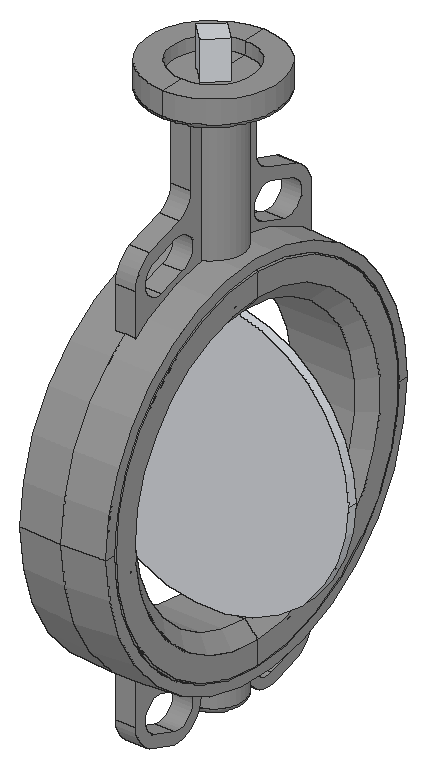
Revit family "HERZ Isolating Butterfly Valves ZF-4219", category Rohrzubehör, Revit 2019
Family settings
  Bemaßung runder Anschluss = Durchmesser verwenden
  Teiletyp = Unterbricht
  Arbeitsebenenbasiert = Nein
  Immer vertikal = Ja
  Beim Laden mit Abzugskörper schneiden = Nein
  Gemeinsam genutzt = Nein
Parameters
  Weight [instance] = size_lookup("4219_ZF", "M", 37.6, Nennweite)  # 16.6
  URL = "www.herzvalves.com"
  Spindle = "stainless steel ASTM-A276 / Type 316"  # constant formula
  Screws PN16 [instance] = if(Nennweite = 50 mm, "4x M16x100", if(Nennweite = 65 mm, "4x M16x100", if(Nennweite = 80 mm, "8x M16x100", if(Nennweite = 100 mm, "8x M16x110", if(Nennweite = 125 mm, "8x M16x120", if(Nennweite = 150 mm, "8x M20x120", if(Nennweite = 200 mm, "12x M20x130", if(Nennweite = 250 mm, "12x M24x140", "12x M24x160"))))))))  # "12x M20x130"
  Screws PN 6 [instance] = if(Nennweite = 50 mm, "4x M12x100", if(Nennweite = 65 mm, "4x M12x100", if(Nennweite = 80 mm, "4x M16x100", if(Nennweite = 100 mm, "4x M16x100", if(Nennweite = 125 mm, "8x M16x110", if(Nennweite = 150 mm, "8x M16x110", if(Nennweite = 200 mm, "--", if(Nennweite = 250 mm, "12x M16x130", "12xM16x140"))))))))  # "--"
  Screws PN10 [instance] = if(Nennweite = 50 mm, "4x M16x100", if(Nennweite = 65 mm, "4x M16x100", if(Nennweite = 80 mm, "4x M16x100", if(Nennweite = 100 mm, "4x M16x110", if(Nennweite = 125 mm, "8x M16x120", if(Nennweite = 150 mm, "8x M20x120", if(Nennweite = 200 mm, "8x M20x130", if(Nennweite = 250 mm, "12x M20x130", "12x M20x150"))))))))  # "8x M20x130"
  SCTWSEQ = "FW;SBT_TYP_FW=\"101\";2"
  SCTWCODE = "04;07;02"  # constant formula
  SCRNSEQ = "ARM;ARM_TYP=\"ALLF\";2"
  SCRNCODE = "05;13;02"  # constant formula
  R_Dichtung = 1.5 mm  # constant formula
  Part number [instance] = size_lookup("4219_ZF", "Artnr", 1421901, Nennweite)  # 1421927
  PN16 [instance] = or(Nennweite = 50 mm, Nennweite = 65 mm, Nennweite = 80 mm, Nennweite = 100 mm, Nennweite = 125 mm, Nennweite = 150 mm, Nennweite = 200 mm, Nennweite = 250 mm, Nennweite = 300 mm)  # yes
  PN10 [instance] = or(Nennweite = 50 mm, Nennweite = 65 mm, Nennweite = 80 mm, Nennweite = 100 mm, Nennweite = 125 mm, Nennweite = 150 mm, Nennweite = 200 mm, Nennweite = 250 mm, Nennweite = 300 mm)  # yes
  PN 6 [instance] = or(Nennweite = 50 mm, Nennweite = 65 mm, Nennweite = 80 mm, Nennweite = 100 mm, Nennweite = 125 mm, Nennweite = 150 mm, Nennweite = 250 mm, Nennweite = 300 mm)  # no
  PN = 16  # constant formula
  O-Ring = "EPDM according to ISO 1691"  # constant formula
  Nennweite [instance] = 200 mm
  Min. operating temperature = "-20.00 °C with appropriate water-glycol mixture"  # constant formula
  Medium = "Heating water quality according ÖNORM H5195 or VDI-Standard 2035. The use of ethylene or propylene glycol in a\nmixing ratio 25- 50% is allowed."
  Max. operating temperature = 110 °C  # constant formula
  LO1 [instance] = R05 + 10 mm  # 141 mm
  L16 [instance] = L01 - L13  # 236 mm
  L15 [instance] = L01 + L12  # 263 mm
  L14 [instance] = size_lookup("4219_ZF", "L_14", 44.4 mm, Nennweite)  # 61.5 mm
  L13 [instance] = size_lookup("4219_ZF", "L_13", 15 mm, Nennweite)  # 9 mm
  L12 [instance] = size_lookup("4219_ZF", "L_12", 15 mm, Nennweite)  # 18 mm
  L11 [instance] = size_lookup("4219_ZF", "L_11", 15 mm, Nennweite)  # 20 mm
  L10 [instance] = size_lookup("4219_ZF", "L_10", 16 mm, Nennweite)  # 16 mm
  L09 [instance] = size_lookup("4219_ZF", "L9", 29 mm, Nennweite)  # 44 mm
  L08 [instance] = size_lookup("4219_ZF", "L8", 43 mm, Nennweite)  # 60 mm
  L07 [instance] = size_lookup("4219_ZF", "L7", 3.5 mm, Nennweite)  # 4.5 mm
  L06 [instance] = size_lookup("4219_ZF", "L6", 18 mm, Nennweite)  # 32 mm
  L05 [instance] = size_lookup("4219_ZF", "L5", 35 mm, Nennweite)  # 50 mm
  L04 [instance] = size_lookup("4219_ZF", "L4", 35 mm, Nennweite)  # 17.5 mm
  L03 [instance] = size_lookup("4219_ZF", "L3", 35 mm, Nennweite)  # 152.5 mm
  L02 [instance] = size_lookup("4219_ZF", "L2", 35 mm, Nennweite)  # 109 mm
  L01 [instance] = size_lookup("4219_ZF", "L1", 35 mm, Nennweite)  # 245 mm
  Hersteller = "HERZ Armaturen Ges.m.b.H."  # constant formula
  H [instance] = size_lookup("4219_ZF", "H1", 9 mm, Nennweite)  # 17 mm
  Flange = "according to EN1092-2"  # constant formula
  Einbaudatum [instance] = ""
  Torque in Nm [instance] = size_lookup("4219_ZF", "NM", 350, Nennweite)  # 150
  Disc = "stainless steel 1.4408"  # constant formula
  DN300 [instance] = Nennweite = 300 mm  # no
  DN250 [instance] = Nennweite = 250 mm  # no
  DN200 [instance] = Nennweite = 200 mm  # yes
  DN150 [instance] = Nennweite = 150 mm  # no
  DN125 [instance] = Nennweite = 125 mm  # no
  DN100 [instance] = Nennweite = 100 mm  # no
  DN 80 [instance] = Nennweite = 80 mm  # no
  DN 65 [instance] = Nennweite = 65 mm  # no
  DN 50 [instance] = Nennweite = 50 mm  # no
  Chargennummer [instance] = ""
  Body sealing = "EPDM according to ISO 1691"  # constant formula
  Body = "GG, GJL-250/JL1040, according to EN1561"  # constant formula
  BD [instance] = size_lookup("4219_ZF", "DB", 24 mm, Nennweite)  # 193.6 mm
  D09 [instance] = size_lookup("4219_ZF", "D9", 24 mm, Nennweite)  # 96.5 mm
  D08 [instance] = size_lookup("4219_ZF", "D8", 47 mm, Nennweite)  # 14 mm
  D07 [instance] = size_lookup("4219_ZF", "D7", 47 mm, Nennweite)  # 27.5 mm
  D06 [instance] = size_lookup("4219_ZF", "D6", 47 mm, Nennweite)  # 44 mm
  R05 [instance] = size_lookup("4219_ZF", "D5", 47 mm, Nennweite)  # 131 mm
  D05 [instance] = R05 * 2  # 262 mm
  D04 [instance] = size_lookup("4219_ZF", "D4", 41 mm, Nennweite)  # 124 mm
  D03 [instance] = size_lookup("4219_ZF", "D3", 35.5 mm, Nennweite)  # 116.5 mm
  R01 [instance] = size_lookup("4219_ZF", "D1", 28 mm, Nennweite)  # 103.5 mm
  R02 [instance] = size_lookup("4219_ZF", "D2", 30 mm, Nennweite)  # 105.5 mm
  Application = "Suitable for fluids in building services, cold water systems, hot water saystems, etc."
Reference planes
  plane 1 "Mitte (Vorne/hinten)": y = 0
  plane 2: z = 0
  plane 3 "Mitte (Links/rechts)": x = 0
Forms (mm)
  Revolve 1, solid, material "Herz-Metall-blau", detail levels fine
    sketch origin (0, 0, 0) x (1, 0, 0) y (0, 1, 0)
      loop
        line (0, 132.724) -> (-30, 131) -> (-30, 124) -> (-22, 124) -> (-22, 116.5) -> (-23.5, 116.5)
        arc (-23.5, 116.5) -> (-24.561, 116.061) -> (-25, 115) r 1.5
        line (-25, 115) -> (-25, 105.824)
        arc (-25, 105.824) -> (-24.729, 104.964) -> (-24.013, 104.415) r 1.5
        line (-24.013, 104.415) -> (-20.5, 103.5) -> (-16, 103.5) -> (-16, 105.5) -> (16, 105.5) -> (16, 103.5) -> (20.5, 103.5) -> (24.013, 104.415)
        arc (24.013, 104.415) -> (24.729, 104.964) -> (25, 105.824) r 1.5
        line (25, 105.824) -> (25, 115)
        arc (25, 115) -> (24.561, 116.061) -> (23.5, 116.5) r 1.5
        line (23.5, 116.5) -> (22, 116.5) -> (22, 124) -> (30, 124) -> (30, 131) -> (0, 132.724)
      axis (30, 0) -> (-30, 0)
    angle from 0 to 360
  Extrusion 2, solid, material "Herz-Metall-blau", visible <- "DN 50", detail levels fine
    sketch origin (0, 0, 0) x (0, 1, 0) y (0, 0, 1)
      loop
        line (20, 54.051) -> (20.008, 111.113) -> (16.897, 110.952)
        arc (16.897, 110.952) -> (15.55, 110.331) -> (15, 108.954) r 2
        line (15, 108.954) -> (15, 44.542)
        arc (15, 44.542) -> (31.465, 34.913) -> (42.748, 19.534) r 47
        arc (42.748, 19.534) -> (42.633, 20.873) -> (43.392, 21.983) r 2
        line (43.392, 21.983) -> (54.714, 30.209)
        arc (54.714, 30.209) -> (56.569, 56.569) -> (30.209, 54.714) r 17.5
        line (30.209, 54.714) -> (27.87, 51.494)
        arc (27.87, 51.494) -> (23.006, 49.914) -> (20, 54.051) r 4.35
      loop
        arc (32.065, 41.998) -> (33.588, 33.588) -> (41.998, 32.065) r 7.5
        line (41.998, 32.065) -> (48.502, 35.17)
        arc (48.502, 35.17) -> (51.265, 51.265) -> (35.17, 48.502) r 10
        line (35.17, 48.502) -> (32.065, 41.998)
      loop
        arc (-20, 54.051) -> (-23.006, 49.914) -> (-27.87, 51.494) r 4.35
        line (-27.87, 51.494) -> (-30.209, 54.714)
        arc (-30.209, 54.714) -> (-56.569, 56.569) -> (-54.714, 30.209) r 17.5
        line (-54.714, 30.209) -> (-43.392, 21.983)
        arc (-43.392, 21.983) -> (-42.633, 20.873) -> (-42.748, 19.534) r 2
        arc (-42.748, 19.534) -> (-31.465, 34.913) -> (-15, 44.542) r 47
        line (-15, 44.542) -> (-15, 108.954)
        arc (-15, 108.954) -> (-15.55, 110.331) -> (-16.897, 110.952) r 2
        line (-16.897, 110.952) -> (-20.008, 111.113) -> (-20, 54.051)
      loop
        line (-32.065, 41.998) -> (-35.17, 48.502)
        arc (-35.17, 48.502) -> (-51.265, 51.265) -> (-48.502, 35.17) r 10
        line (-48.502, 35.17) -> (-41.998, 32.065)
        arc (-41.998, 32.065) -> (-33.588, 33.588) -> (-32.065, 41.998) r 7.5
      loop
        line (32.065, -41.998) -> (35.17, -48.502)
        arc (35.17, -48.502) -> (51.265, -51.265) -> (48.502, -35.17) r 10
        line (48.502, -35.17) -> (41.998, -32.065)
        arc (41.998, -32.065) -> (33.588, -33.588) -> (32.065, -41.998) r 7.5
      loop
        line (54.714, -30.209) -> (43.392, -21.983)
        arc (43.392, -21.983) -> (42.633, -20.873) -> (42.748, -19.534) r 2
        arc (42.748, -19.534) -> (33.234, -33.234) -> (19.534, -42.748) r 47
        arc (19.534, -42.748) -> (20.873, -42.633) -> (21.983, -43.392) r 2
        line (21.983, -43.392) -> (30.209, -54.714)
        arc (30.209, -54.714) -> (56.569, -56.569) -> (54.714, -30.209) r 17.5
      loop
        arc (-32.065, -41.998) -> (-33.588, -33.588) -> (-41.998, -32.065) r 7.5
        line (-41.998, -32.065) -> (-48.502, -35.17)
        arc (-48.502, -35.17) -> (-51.265, -51.265) -> (-35.17, -48.502) r 10
        line (-35.17, -48.502) -> (-32.065, -41.998)
      loop
        arc (-54.714, -30.209) -> (-56.569, -56.569) -> (-30.209, -54.714) r 17.5
        line (-30.209, -54.714) -> (-21.983, -43.392)
        arc (-21.983, -43.392) -> (-20.873, -42.633) -> (-19.534, -42.748) r 2
        arc (-19.534, -42.748) -> (-33.234, -33.234) -> (-42.748, -19.534) r 47
        arc (-42.748, -19.534) -> (-42.633, -20.873) -> (-43.392, -21.983) r 2
        line (-43.392, -21.983) -> (-54.714, -30.209)
    from -4.5 to 4.5
  Extrusion 3, solid, material "Herz-Metall-blau", visible <- "DN 65", detail levels fine
    sketch origin (0, 0, 0) x (0, 1, 0) y (0, 0, 1)
      loop
        arc (51.659, 21.619) -> (51.541, 22.778) -> (52.089, 23.805) r 2
        line (52.089, 23.805) -> (65.407, 37.123)
        arc (65.407, 37.123) -> (65.407, 65.407) -> (37.123, 65.407) r 20
        line (37.123, 65.407) -> (29.414, 57.699)
        arc (29.414, 57.699) -> (27.235, 57.265) -> (26, 59.113) r 2
        line (26, 59.113) -> (26, 136.154) -> (19.897, 135.838)
        arc (19.897, 135.838) -> (18.55, 135.218) -> (18, 133.841) r 2
        line (18, 133.841) -> (18, 53.028)
        arc (18, 53.028) -> (38.206, 40.942) -> (51.659, 21.619) r 56
      loop
        arc (55.637, 42.831) -> (57.983, 57.983) -> (42.831, 55.637) r 9.5
        line (42.831, 55.637) -> (39.647, 48.983)
        arc (39.647, 48.983) -> (41.012, 41.012) -> (48.983, 39.647) r 7
        line (48.983, 39.647) -> (55.637, 42.831)
      loop
        arc (51.659, -21.619) -> (39.598, -39.598) -> (21.619, -51.659) r 56
        arc (21.619, -51.659) -> (22.778, -51.541) -> (23.805, -52.089) r 2
        line (23.805, -52.089) -> (37.123, -65.407)
        arc (37.123, -65.407) -> (65.407, -65.407) -> (65.407, -37.123) r 20
        line (65.407, -37.123) -> (52.089, -23.805)
        arc (52.089, -23.805) -> (51.541, -22.778) -> (51.659, -21.619) r 2
      loop
        line (55.637, -42.831) -> (48.983, -39.647)
        arc (48.983, -39.647) -> (41.012, -41.012) -> (39.647, -48.983) r 7
        line (39.647, -48.983) -> (42.831, -55.637)
        arc (42.831, -55.637) -> (57.983, -57.983) -> (55.637, -42.831) r 9.5
      loop
        arc (-51.659, -21.619) -> (-51.541, -22.778) -> (-52.089, -23.805) r 2
        line (-52.089, -23.805) -> (-65.407, -37.123)
        arc (-65.407, -37.123) -> (-65.407, -65.407) -> (-37.123, -65.407) r 20
        line (-37.123, -65.407) -> (-23.805, -52.089)
        arc (-23.805, -52.089) -> (-22.778, -51.541) -> (-21.619, -51.659) r 2
        arc (-21.619, -51.659) -> (-39.598, -39.598) -> (-51.659, -21.619) r 56
      loop
        arc (-55.637, -42.831) -> (-57.983, -57.983) -> (-42.831, -55.637) r 9.5
        line (-42.831, -55.637) -> (-39.647, -48.983)
        arc (-39.647, -48.983) -> (-41.012, -41.012) -> (-48.983, -39.647) r 7
        line (-48.983, -39.647) -> (-55.637, -42.831)
      loop
        arc (-51.659, 21.619) -> (-38.206, 40.942) -> (-18, 53.028) r 56
        line (-18, 53.028) -> (-18, 133.838)
        arc (-18, 133.838) -> (-18.55, 135.215) -> (-19.897, 135.835) r 2
        line (-19.897, 135.835) -> (-26, 136.151) -> (-26, 59.113)
        arc (-26, 59.113) -> (-27.235, 57.265) -> (-29.414, 57.699) r 2
        line (-29.414, 57.699) -> (-37.123, 65.407)
        arc (-37.123, 65.407) -> (-65.407, 65.407) -> (-65.407, 37.123) r 20
        line (-65.407, 37.123) -> (-52.089, 23.805)
        arc (-52.089, 23.805) -> (-51.541, 22.778) -> (-51.659, 21.619) r 2
      loop
        line (-55.637, 42.831) -> (-48.983, 39.647)
        arc (-48.983, 39.647) -> (-41.012, 41.012) -> (-39.647, 48.983) r 7
        line (-39.647, 48.983) -> (-42.831, 55.637)
        arc (-42.831, 55.637) -> (-57.983, 57.983) -> (-55.637, 42.831) r 9.5
    from -4.5 to 4.5
  Extrusion 4, solid, material "Herz-Metall-blau", visible <- "DN 80", detail levels fine
    sketch origin (0, 0, 0) x (0, 1, 0) y (0, 0, 1)
      loop
        line (26, 143.161) -> (20.397, 142.871)
        arc (20.397, 142.871) -> (19.05, 142.251) -> (18.5, 140.874) r 2
        line (18.5, 140.874) -> (18.5, 62.833)
        arc (18.5, 62.833) -> (41.296, 50.842) -> (57.706, 30.989) r 65.5
        arc (57.706, 30.989) -> (57.482, 32.176) -> (57.983, 33.275) r 2
        line (57.983, 33.275) -> (67.23, 43.52)
        arc (67.23, 43.52) -> (70.328, 54.798) -> (65.407, 65.407) r 17
        line (65.407, 65.407) -> (42.005, 86.53)
        arc (42.005, 86.53) -> (37.832, 89.302) -> (33.031, 90.738) r 17
        arc (33.031, 90.738) -> (27.974, 93.895) -> (26, 99.52) r 9
        line (26, 99.52) -> (26, 143.161)
      loop
        circle (30.615, 73.91) r 9.5
      loop
        circle (53.387, 53.387) r 9.5
      loop
        arc (57.706, -30.989) -> (41.296, -50.842) -> (18.5, -62.833) r 65.5
        line (18.5, -62.833) -> (18.5, -85.837)
        arc (18.5, -85.837) -> (30.113, -90.903) -> (42.005, -86.53) r 17
        line (42.005, -86.53) -> (65.407, -65.407)
        arc (65.407, -65.407) -> (70.328, -54.798) -> (67.23, -43.52) r 17
        line (67.23, -43.52) -> (57.983, -33.275)
        arc (57.983, -33.275) -> (57.482, -32.176) -> (57.706, -30.989) r 2
      loop
        circle (30.615, -73.91) r 9.5
      loop
        circle (53.387, -53.387) r 9.5
      loop
        arc (-57.706, -30.989) -> (-57.482, -32.176) -> (-57.983, -33.275) r 2
        line (-57.983, -33.275) -> (-67.23, -43.52)
        arc (-67.23, -43.52) -> (-70.328, -54.798) -> (-65.407, -65.407) r 17
        line (-65.407, -65.407) -> (-42.005, -86.53)
        arc (-42.005, -86.53) -> (-30.113, -90.903) -> (-18.5, -85.837) r 17
        line (-18.5, -85.837) -> (-18.5, -62.833)
        arc (-18.5, -62.833) -> (-41.296, -50.842) -> (-57.706, -30.989) r 65.5
      loop
        circle (-30.615, -73.91) r 9.5
      loop
        circle (-53.387, -53.387) r 9.5
      loop
        line (-26, 143.179) -> (-26, 99.52)
        arc (-26, 99.52) -> (-27.974, 93.895) -> (-33.031, 90.738) r 9
        arc (-33.031, 90.738) -> (-37.832, 89.302) -> (-42.005, 86.53) r 17
        line (-42.005, 86.53) -> (-65.407, 65.407)
        arc (-65.407, 65.407) -> (-70.328, 54.798) -> (-67.23, 43.52) r 17
        line (-67.23, 43.52) -> (-57.983, 33.275)
        arc (-57.983, 33.275) -> (-57.482, 32.176) -> (-57.706, 30.989) r 2
        arc (-57.706, 30.989) -> (-41.296, 50.842) -> (-18.5, 62.833) r 65.5
        line (-18.5, 62.833) -> (-18.5, 140.891)
        arc (-18.5, 140.891) -> (-19.05, 142.268) -> (-20.397, 142.888) r 2
        line (-20.397, 142.888) -> (-26, 143.179)
      loop
        circle (-30.615, 73.91) r 9.5
      loop
        circle (-53.387, 53.387) r 9.5
    from -4.5 to 4.5
  Extrusion 5, solid, material "Herz-Metall-blau", visible <- "DN100", detail levels fine
    sketch origin (0, 0, 0) x (0, 1, 0) y (0, 0, 1)
      loop
        line (64.131, 38.887) -> (73.681, 49.873)
        arc (73.681, 49.873) -> (77.063, 61.29) -> (72.125, 72.125) r 17
        line (72.125, 72.125) -> (45.809, 95.79)
        arc (45.809, 95.79) -> (41.366, 98.675) -> (36.25, 100.053) r 17
        arc (36.25, 100.053) -> (28.882, 104.596) -> (26, 112.759) r 13
        line (26, 112.759) -> (26, 166.173) -> (20.397, 165.883)
        arc (20.397, 165.883) -> (19.05, 165.263) -> (18.5, 163.886) r 2
        line (18.5, 163.886) -> (18.5, 72.683)
        arc (18.5, 72.683) -> (44.637, 60.27) -> (64.131, 38.887) r 75
      loop
        circle (60.104, 60.104) r 9.5
      loop
        circle (34.442, 83.149) r 9.5
      loop
        arc (64.131, -38.887) -> (44.637, -60.27) -> (18.5, -72.683) r 75
        line (18.5, -72.683) -> (18.5, -95.329)
        arc (18.5, -95.329) -> (21.473, -95.603) -> (24.233, -96.743) r 10
        arc (24.233, -96.743) -> (35.191, -100.133) -> (45.809, -95.79) r 17
        line (45.809, -95.79) -> (72.125, -72.125)
        arc (72.125, -72.125) -> (77.063, -61.29) -> (73.681, -49.873) r 17
        line (73.681, -49.873) -> (64.131, -38.887)
      loop
        circle (60.104, -60.104) r 9.5
      loop
        circle (34.442, -83.149) r 9.5
      loop
        line (-64.131, -38.887) -> (-73.681, -49.873)
        arc (-73.681, -49.873) -> (-77.063, -61.29) -> (-72.125, -72.125) r 17
        line (-72.125, -72.125) -> (-45.809, -95.79)
        arc (-45.809, -95.79) -> (-35.191, -100.133) -> (-24.233, -96.743) r 17
        arc (-24.233, -96.743) -> (-21.473, -95.603) -> (-18.5, -95.329) r 10
        line (-18.5, -95.329) -> (-18.5, -72.683)
        arc (-18.5, -72.683) -> (-44.637, -60.27) -> (-64.131, -38.887) r 75
      loop
        circle (-60.104, -60.104) r 9.5
      loop
        circle (-34.442, -83.149) r 9.5
      loop
        arc (-64.131, 38.887) -> (-44.637, 60.27) -> (-18.5, 72.683) r 75
        line (-18.5, 72.683) -> (-18.5, 163.876)
        arc (-18.5, 163.876) -> (-19.05, 165.253) -> (-20.397, 165.873) r 2
        line (-20.397, 165.873) -> (-26, 166.164) -> (-26, 112.759)
        arc (-26, 112.759) -> (-28.882, 104.596) -> (-36.25, 100.053) r 13
        arc (-36.25, 100.053) -> (-41.366, 98.675) -> (-45.809, 95.79) r 17
        line (-45.809, 95.79) -> (-72.125, 72.125)
        arc (-72.125, 72.125) -> (-77.063, 61.29) -> (-73.681, 49.873) r 17
        line (-73.681, 49.873) -> (-64.131, 38.887)
      loop
        circle (-60.104, 60.104) r 9.5
      loop
        circle (-34.442, 83.149) r 9.5
    from -4.5 to 4.5
  Extrusion 6, solid, material "Herz-Metall-blau", visible <- "DN125", detail levels fine
    sketch origin (0, 0, 0) x (0, 1, 0) y (0, 0, 1)
      loop
        arc (75.229, 48.945) -> (74.917, 50.244) -> (75.492, 51.45) r 2
        line (75.492, 51.45) -> (82.731, 58.69)
        arc (82.731, 58.69) -> (87.711, 70.711) -> (82.731, 82.731) r 17
        line (82.731, 82.731) -> (51.291, 109.875)
        arc (51.291, 109.875) -> (46.108, 112.941) -> (40.182, 114.007) r 17
        line (40.182, 114.007) -> (38, 114.007)
        arc (38, 114.007) -> (29.515, 117.522) -> (26, 126.007) r 12
        line (26, 126.007) -> (26, 185.157) -> (20.397, 184.867)
        arc (20.397, 184.867) -> (19.05, 184.246) -> (18.5, 182.869) r 2
        line (18.5, 182.869) -> (18.5, 87.823)
        arc (18.5, 87.823) -> (50.736, 74.033) -> (75.229, 48.945) r 89.75
      loop
        circle (40.182, 97.007) r 9.5
      loop
        circle (70.711, 70.711) r 9.5
      loop
        arc (75.229, -48.945) -> (50.736, -74.033) -> (18.5, -87.823) r 89.75
        line (18.5, -87.823) -> (18.5, -108.431)
        arc (18.5, -108.431) -> (24.248, -107.655) -> (29.46, -110.2) r 10
        arc (29.46, -110.2) -> (40.434, -114.005) -> (51.291, -109.875) r 17
        line (51.291, -109.875) -> (82.731, -82.731)
        arc (82.731, -82.731) -> (87.711, -70.711) -> (82.731, -58.69) r 17
        line (82.731, -58.69) -> (75.492, -51.45)
        arc (75.492, -51.45) -> (74.917, -50.244) -> (75.229, -48.945) r 2
      loop
        circle (40.182, -97.007) r 9.5
      loop
        circle (70.711, -70.711) r 9.5
      loop
        arc (-75.229, -48.945) -> (-74.917, -50.244) -> (-75.492, -51.45) r 2
        line (-75.492, -51.45) -> (-82.731, -58.69)
        arc (-82.731, -58.69) -> (-87.711, -70.711) -> (-82.731, -82.731) r 17
        line (-82.731, -82.731) -> (-51.291, -109.875)
        arc (-51.291, -109.875) -> (-40.434, -114.005) -> (-29.46, -110.2) r 17
        arc (-29.46, -110.2) -> (-24.248, -107.655) -> (-18.5, -108.431) r 10
        line (-18.5, -108.431) -> (-18.5, -87.823)
        arc (-18.5, -87.823) -> (-50.736, -74.033) -> (-75.229, -48.945) r 89.75
      loop
        circle (-40.182, -97.007) r 9.5
      loop
        circle (-70.711, -70.711) r 9.5
      loop
        arc (-75.229, 48.945) -> (-50.736, 74.033) -> (-18.5, 87.823) r 89.75
        line (-18.5, 87.823) -> (-18.5, 182.852)
        arc (-18.5, 182.852) -> (-19.05, 184.23) -> (-20.397, 184.85) r 2
        line (-20.397, 184.85) -> (-26, 185.14) -> (-26, 126.007)
        arc (-26, 126.007) -> (-29.515, 117.522) -> (-38, 114.007) r 12
        line (-38, 114.007) -> (-40.182, 114.007)
        arc (-40.182, 114.007) -> (-46.108, 112.941) -> (-51.291, 109.875) r 17
        line (-51.291, 109.875) -> (-82.731, 82.731)
        arc (-82.731, 82.731) -> (-87.711, 70.711) -> (-82.731, 58.69) r 17
        line (-82.731, 58.69) -> (-75.492, 51.45)
        arc (-75.492, 51.45) -> (-74.917, 50.244) -> (-75.229, 48.945) r 2
      loop
        circle (-40.182, 97.007) r 9.5
      loop
        circle (-70.711, 70.711) r 9.5
    from -6 to 6
  Extrusion 7, solid, material "Herz-Metall-blau", visible <- "DN150", detail levels fine
    sketch origin (0, 0, 0) x (0, 1, 0) y (0, 0, 1)
      loop
        line (83.495, 59.454) -> (91.57, 67.529)
        arc (91.57, 67.529) -> (96.55, 79.55) -> (91.57, 91.57) r 17
        line (91.57, 91.57) -> (57.511, 123.304)
        arc (57.511, 123.304) -> (45.758, 127.865) -> (34.095, 123.077) r 17
        arc (34.095, 123.077) -> (28.976, 122.416) -> (26, 126.633) r 5
        line (26, 126.633) -> (26, 198.177) -> (20.397, 197.887)
        arc (20.397, 197.887) -> (19.05, 197.267) -> (18.5, 195.889) r 2
        line (18.5, 195.889) -> (18.5, 100.817)
        arc (18.5, 100.817) -> (55.032, 86.474) -> (83.495, 59.454) r 102.5
      loop
        circle (45.922, 110.866) r 11.5
      loop
        circle (79.55, 79.55) r 9.5
      loop
        circle (45.922, -110.866) r 11.5
      loop
        circle (79.55, -79.55) r 9.5
      loop
        line (91.57, -67.529) -> (83.495, -59.454)
        arc (83.495, -59.454) -> (55.032, -86.474) -> (18.5, -100.817) r 102.5
        line (18.5, -100.817) -> (18.5, -123.208)
        arc (18.5, -123.208) -> (19.363, -121.755) -> (21.03, -121.482) r 2
        line (21.03, -121.482) -> (42.642, -127.546)
        arc (42.642, -127.546) -> (50.587, -127.213) -> (57.511, -123.304) r 17
        line (57.511, -123.304) -> (91.57, -91.57)
        arc (91.57, -91.57) -> (96.55, -79.55) -> (91.57, -67.529) r 17
      loop
        arc (-83.495, 59.454) -> (-55.032, 86.474) -> (-18.5, 100.817) r 102.5
        line (-18.5, 100.817) -> (-18.5, 195.875)
        arc (-18.5, 195.875) -> (-19.05, 197.252) -> (-20.397, 197.872) r 2
        line (-20.397, 197.872) -> (-26, 198.163) -> (-26, 126.633)
        arc (-26, 126.633) -> (-28.976, 122.416) -> (-34.095, 123.077) r 5
        arc (-34.095, 123.077) -> (-45.758, 127.865) -> (-57.511, 123.304) r 17
        line (-57.511, 123.304) -> (-91.57, 91.57)
        arc (-91.57, 91.57) -> (-96.55, 79.55) -> (-91.57, 67.529) r 17
        line (-91.57, 67.529) -> (-83.495, 59.454)
      loop
        circle (-45.922, 110.866) r 11.5
      loop
        circle (-79.55, 79.55) r 9.5
      loop
        circle (-45.922, -110.866) r 11.5
      loop
        circle (-79.55, -79.55) r 9.5
      loop
        arc (-91.57, -67.529) -> (-96.55, -79.55) -> (-91.57, -91.57) r 17
        line (-91.57, -91.57) -> (-57.511, -123.304)
        arc (-57.511, -123.304) -> (-50.587, -127.213) -> (-42.642, -127.546) r 17
        line (-42.642, -127.546) -> (-21.03, -121.482)
        arc (-21.03, -121.482) -> (-19.363, -121.755) -> (-18.5, -123.208) r 2
        line (-18.5, -123.208) -> (-18.5, -100.817)
        arc (-18.5, -100.817) -> (-55.032, -86.474) -> (-83.495, -59.454) r 102.5
        line (-83.495, -59.454) -> (-91.57, -67.529)
    from -7 to 7
  Extrusion 8, solid, material "Herz-Metall-blau", visible <- "DN200", detail levels fine
    sketch origin (0, 0, 0) x (0, 1, 0) y (0, 0, 1)
      loop
        arc (42.048, 153.832) -> (26.654, 145.827) -> (35.349, 130.812) r 12
        line (35.349, 130.812) -> (53.31, 124.689)
        arc (53.31, 124.689) -> (67.804, 132.4) -> (61.038, 147.359) r 12
        line (61.038, 147.359) -> (42.048, 153.832)
      loop
        line (28, 226.273) -> (22.065, 226.047)
        arc (22.065, 226.047) -> (20.655, 225.469) -> (20, 224.092) r 2.114
        line (20, 224.092) -> (20, 129.471)
        arc (20, 129.471) -> (49.604, 121.273) -> (76.485, 106.406) r 130.989
        line (76.485, 106.406) -> (76.485, 136.265)
        arc (76.485, 136.265) -> (73.108, 147.391) -> (64.117, 154.764) r 20.019
        line (64.117, 154.764) -> (38.16, 163.592)
        arc (38.16, 163.592) -> (30.802, 169.06) -> (28, 177.79) r 15
        line (28, 177.79) -> (28, 226.273)
      loop
        line (42.048, -153.832) -> (61.038, -147.359)
        arc (61.038, -147.359) -> (67.804, -132.4) -> (53.31, -124.689) r 12
        line (53.31, -124.689) -> (35.349, -130.812)
        arc (35.349, -130.812) -> (26.654, -145.827) -> (42.048, -153.832) r 12
      loop
        arc (76.446, -106.382) -> (49.585, -121.253) -> (20, -129.464) r 131
        line (20, -129.464) -> (20, -141.835)
        arc (20, -141.835) -> (28.361, -158.099) -> (46.453, -160.765) r 20
        line (46.453, -160.765) -> (64.099, -154.75)
        arc (64.099, -154.75) -> (73.075, -147.384) -> (76.446, -136.272) r 20
        line (76.446, -136.272) -> (76.446, -106.382)
      loop
        arc (-42.048, -153.832) -> (-26.654, -145.827) -> (-35.349, -130.812) r 12
        line (-35.349, -130.812) -> (-53.31, -124.689)
        arc (-53.31, -124.689) -> (-67.804, -132.4) -> (-61.038, -147.359) r 12
        line (-61.038, -147.359) -> (-42.048, -153.832)
      loop
        line (-76.446, -106.382) -> (-76.446, -136.272)
        arc (-76.446, -136.272) -> (-73.075, -147.384) -> (-64.099, -154.75) r 20
        line (-64.099, -154.75) -> (-46.453, -160.765)
        arc (-46.453, -160.765) -> (-28.361, -158.099) -> (-20, -141.835) r 20
        line (-20, -141.835) -> (-20, -129.464)
        arc (-20, -129.464) -> (-49.585, -121.253) -> (-76.446, -106.382) r 131
      loop
        line (-42.048, 153.832) -> (-61.038, 147.359)
        arc (-61.038, 147.359) -> (-67.804, 132.4) -> (-53.31, 124.689) r 12
        line (-53.31, 124.689) -> (-35.349, 130.812)
        arc (-35.349, 130.812) -> (-26.654, 145.827) -> (-42.048, 153.832) r 12
      loop
        line (-28, 226.278) -> (-28, 177.79)
        arc (-28, 177.79) -> (-30.802, 169.06) -> (-38.16, 163.592) r 15
        line (-38.16, 163.592) -> (-64.117, 154.764)
        arc (-64.117, 154.764) -> (-73.108, 147.391) -> (-76.485, 136.265) r 20.019
        line (-76.485, 136.265) -> (-76.485, 106.406)
        arc (-76.485, 106.406) -> (-49.604, 121.273) -> (-20, 129.471) r 130.989
        line (-20, 129.471) -> (-20, 224.098)
        arc (-20, 224.098) -> (-20.655, 225.475) -> (-22.065, 226.053) r 2.114
        line (-22.065, 226.053) -> (-28, 226.278)
    from -7 to 7
  Extrusion 9, solid, material "Herz-Metall-blau", visible <- "DN250", detail levels fine
    sketch origin (0, 0, 0) x (0, 1, 0) y (0, 0, 1)
      loop
        arc (-95.9, 125.382) -> (-61.406, 145.382) -> (-23, 156.095) r 157.75
        line (-23, 156.095) -> (-23, 258.814)
        arc (-23, 258.814) -> (-23.588, 260.113) -> (-24.893, 260.69) r 2
        line (-24.893, 260.69) -> (-32, 261.058) -> (-32, 187.712)
        arc (-32, 187.712) -> (-33.507, 185.205) -> (-36.428, 185.359) r 2.84
        arc (-36.428, 185.359) -> (-43.951, 188.152) -> (-51.918, 187.184) r 17
        line (-51.918, 187.184) -> (-97.072, 155.872)
        arc (-97.072, 155.872) -> (-100.207, 149.167) -> (-100.195, 141.765) r 17
        line (-100.195, 141.765) -> (-95.9, 125.382)
      loop
        circle (-83.608, 145.492) r 9.5
      loop
        circle (-45.549, 171.269) r 14
      loop
        arc (96.192, -125.349) -> (61.575, -145.51) -> (23, -156.317) r 157.999
        line (23, -156.317) -> (23, -181.388) -> (27.217, -181.388)
        arc (27.217, -181.388) -> (30.142, -181.826) -> (32.812, -183.1) r 10
        line (32.812, -183.1) -> (36.428, -185.542)
        arc (36.428, -185.542) -> (44.468, -188.388) -> (52.878, -186.972) r 17
        line (52.878, -186.972) -> (97.463, -155.872)
        arc (97.463, -155.872) -> (100.598, -149.167) -> (100.586, -141.765) r 17
        line (100.586, -141.765) -> (96.192, -125.349)
      loop
        circle (84, -145.492) r 9.5
      loop
        circle (45.94, -171.452) r 14
      loop
        line (-96.192, -125.349) -> (-100.586, -141.765)
        arc (-100.586, -141.765) -> (-100.598, -149.167) -> (-97.463, -155.872) r 17
        line (-97.463, -155.872) -> (-52.878, -186.972)
        arc (-52.878, -186.972) -> (-44.468, -188.388) -> (-36.428, -185.542) r 17
        line (-36.428, -185.542) -> (-32.812, -183.1)
        arc (-32.812, -183.1) -> (-30.142, -181.826) -> (-27.217, -181.388) r 10
        line (-27.217, -181.388) -> (-23, -181.388) -> (-23, -156.317)
        arc (-23, -156.317) -> (-61.575, -145.51) -> (-96.192, -125.349) r 157.999
      loop
        circle (-84, -145.492) r 9.5
      loop
        circle (-45.94, -171.452) r 14
      loop
        line (95.9, 125.2) -> (100.195, 141.582)
        arc (100.195, 141.582) -> (100.207, 148.984) -> (97.072, 155.689) r 17
        line (97.072, 155.689) -> (51.919, 187.036)
        arc (51.919, 187.036) -> (43.952, 188.006) -> (36.428, 185.212) r 17
        arc (36.428, 185.212) -> (33.507, 185.058) -> (32, 187.566) r 2.84
        line (32, 187.566) -> (32, 261.045) -> (24.893, 260.677)
        arc (24.893, 260.677) -> (23.588, 260.1) -> (23, 258.801) r 2
        line (23, 258.801) -> (23, 155.948)
        arc (23, 155.948) -> (61.411, 145.223) -> (95.9, 125.2) r 157.605
      loop
        circle (83.608, 145.31) r 9.5
      loop
        circle (45.549, 171.122) r 14
    from -9 to 9
  Extrusion 10, solid, material "Herz-Metall-blau", visible <- "DN300", detail levels fine
    sketch origin (0, 0, 0) x (0, 1, 0) y (0, 0, 1)
      loop
        arc (62.57, 187.834) -> (56.268, 211.23) -> (39.112, 194.12) r 14
        line (39.112, 194.12) -> (40.223, 189.928)
        arc (40.223, 189.928) -> (48.374, 181.769) -> (59.504, 184.767) r 11.5
        line (59.504, 184.767) -> (62.57, 187.834)
      loop
        circle (98.337, 170.892) r 12
      loop
        arc (113.094, 162.454) -> (114.748, 175.326) -> (106.837, 185.615) r 17
        line (106.837, 185.615) -> (61.701, 211.919)
        arc (61.701, 211.919) -> (54.44, 214.463) -> (46.806, 213.516) r 16.852
        arc (46.806, 213.516) -> (36.904, 213.681) -> (32, 222.285) r 10
        line (32, 222.285) -> (32, 286.38) -> (24.895, 286.033)
        arc (24.895, 286.033) -> (23.576, 285.442) -> (23, 284.117) r 2
        line (23, 284.117) -> (23, 181.202)
        arc (23, 181.202) -> (65.613, 170.505) -> (104.437, 149.94) r 182.63
        line (104.437, 149.94) -> (113.094, 162.454)
      loop
        line (62.984, -188.142) -> (59.917, -185.075)
        arc (59.917, -185.075) -> (48.787, -182.077) -> (40.637, -190.235) r 11.5
        line (40.637, -190.235) -> (39.525, -194.427)
        arc (39.525, -194.427) -> (56.681, -211.538) -> (62.984, -188.142) r 14
      loop
        circle (98.75, -171.04) r 12
      loop
        line (113.508, -162.601) -> (104.75, -150.055)
        arc (104.75, -150.055) -> (65.787, -170.766) -> (23, -181.549) r 183
        line (23, -181.549) -> (23, -206.327)
        arc (23, -206.327) -> (24.157, -204.218) -> (26.558, -204.062) r 2.5
        line (26.558, -204.062) -> (45.918, -213.443)
        arc (45.918, -213.443) -> (53.906, -214.994) -> (61.701, -212.654) r 17
        line (61.701, -212.654) -> (107.25, -185.762)
        arc (107.25, -185.762) -> (115.162, -175.474) -> (113.508, -162.601) r 17
      loop
        arc (-62.984, -188.142) -> (-56.681, -211.538) -> (-39.525, -194.427) r 14
        line (-39.525, -194.427) -> (-40.637, -190.235)
        arc (-40.637, -190.235) -> (-48.787, -182.077) -> (-59.917, -185.075) r 11.5
        line (-59.917, -185.075) -> (-62.984, -188.142)
      loop
        circle (-98.75, -171.04) r 12
      loop
        arc (-113.508, -162.601) -> (-115.162, -175.474) -> (-107.25, -185.762) r 17
        line (-107.25, -185.762) -> (-61.701, -212.654)
        arc (-61.701, -212.654) -> (-53.906, -214.994) -> (-45.918, -213.443) r 17
        line (-45.918, -213.443) -> (-26.558, -204.062)
        arc (-26.558, -204.062) -> (-24.157, -204.218) -> (-23, -206.327) r 2.5
        line (-23, -206.327) -> (-23, -181.549)
        arc (-23, -181.549) -> (-65.787, -170.766) -> (-104.75, -150.055) r 183
        line (-104.75, -150.055) -> (-113.508, -162.601)
      loop
        line (-62.574, 188.142) -> (-59.508, 185.075)
        arc (-59.508, 185.075) -> (-48.378, 182.077) -> (-40.227, 190.235) r 11.5
        line (-40.227, 190.235) -> (-39.116, 194.427)
        arc (-39.116, 194.427) -> (-56.272, 211.538) -> (-62.574, 188.142) r 14
      loop
        circle (-98.34, 171.04) r 12
      loop
        line (-113.098, 162.601) -> (-104.44, 150.087)
        arc (-104.44, 150.087) -> (-65.611, 170.637) -> (-23, 181.326) r 182.753
        line (-23, 181.326) -> (-23, 284.115)
        arc (-23, 284.115) -> (-23.577, 285.441) -> (-24.896, 286.032) r 2
        line (-24.896, 286.032) -> (-32, 286.379) -> (-32, 222.593)
        arc (-32, 222.593) -> (-37.217, 213.811) -> (-47.425, 214.193) r 10
        arc (-47.425, 214.193) -> (-54.523, 214.911) -> (-61.291, 212.654) r 17
        line (-61.291, 212.654) -> (-106.84, 185.762)
        arc (-106.84, 185.762) -> (-114.752, 175.474) -> (-113.098, 162.601) r 17
    from -9 to 9
  Revolve 11, solid, material "Herz-Metall-blau"
    sketch origin (0, 0, 0) x (0, 1, 0) y (0, 0, 1)
      loop
        line (0, -131) -> (0, -152.5) -> (17, -152.5)
        arc (17, -152.5) -> (19.121, -151.621) -> (20, -149.5) r 3
        line (20, -149.5) -> (20, -129.464)
        arc (20, -129.464) -> (10.029, -130.616) -> (0, -131) r 131
      axis (0, -129.464) -> (0, -152.5)
    angle from 0 to 360
  Revolve 12, solid, material "Herz-Metall-blau"
    sketch origin (0, 0, 0) x (0, 1, 0) y (0, 0, 1)
      loop
        line (0, 236) -> (0, 131)
        arc (0, 131) -> (10.029, 130.616) -> (20, 129.464) r 131
        line (20, 129.464) -> (20, 223.944)
        arc (20, 223.944) -> (20.549, 225.32) -> (21.895, 225.941) r 2
        line (21.895, 225.941) -> (42.105, 227)
        arc (42.105, 227) -> (43.451, 227.621) -> (44, 228.997) r 2
        line (44, 228.997) -> (44, 245) -> (27.5, 245) -> (27.5, 236) -> (0, 236)
      axis (0, 245) -> (0, 129.464)
    angle from 0 to 360
  Revolve 13, solid, material "Gummi"
    sketch origin (0, 0, 0) x (1, 0, 0) y (0, 0, 1)
      loop
        arc (-29.258, 124) -> (-30.313, 123.563) -> (-30.75, 122.508) r 1.492
        line (-30.75, 122.508) -> (-30.75, 105.718) -> (-22, 96.5) -> (22, 96.5) -> (30.75, 106.945) -> (30.75, 123)
        arc (30.75, 123) -> (30.457, 123.707) -> (29.75, 124) r 1
        line (29.75, 124) -> (22, 124) -> (22, 116.5) -> (23.5, 116.5)
        arc (23.5, 116.5) -> (24.561, 116.061) -> (25, 115) r 1.5
        line (25, 115) -> (25, 105.988)
        arc (25, 105.988) -> (24.622, 104.993) -> (23.68, 104.499) r 1.5
        line (23.68, 104.499) -> (20.5, 103.5) -> (16.527, 103.5) -> (16.527, 105.5) -> (-15.473, 105.5) -> (-15.473, 103.5) -> (-20.5, 103.5) -> (-23.68, 104.499)
        arc (-23.68, 104.499) -> (-24.622, 104.993) -> (-25, 105.988) r 1.5
        line (-25, 105.988) -> (-25, 115)
        arc (-25, 115) -> (-24.561, 116.061) -> (-23.5, 116.5) r 1.5
        line (-23.5, 116.5) -> (-22, 116.5) -> (-22, 124) -> (-29.258, 124)
      axis (-30.75, 0) -> (30.75, 0)
    angle from 0 to 360
  Extrusion 14, solid, detail levels fine
    sketch origin (0, 0, 0) x (1, 0, 0) y (0, 0, 1)
      loop
        circle (0, 0) r 96.8
    from -3 to 3
  Extrusion 15, solid, detail levels fine
    sketch origin (0, 0, 0) x (1, 0, 0) y (0, 1, 0)
      loop
        line (0, 12.021) -> (-12.021, 0) -> (0, -12.021) -> (12.021, 0) -> (0, 12.021)
    from 236 <- "L16" to 263 <- "L15"
Lines and regions (mm)
  model lines, detail levels coarse+medium
    curve 1: line (-30, 131, 0) -> (30, 131, 0)
    curve 2: line (-30, -131, 0) -> (-30, 131, 0)
    curve 3: line (30, -131, 0) -> (-30, -131, 0)
    curve 4: line (30, 131, 0) -> (30, -131, 0)
    curve 5: line (-30, 131, 0) -> (30, -131, 0)
    curve 6: circle (0, 0, 0) r 5 normal (0, 0, 1)
    curve 7: line (-30, 0, 131) -> (30, 0, 131)
    curve 8: line (-30, 0, -131) -> (-30, 0, 131)
    curve 9: line (30, 0, -131) -> (-30, 0, -131)
    curve 10: line (30, 0, 131) -> (30, 0, -131)
    curve 11: line (-30, 0, 131) -> (30, 0, -131)
    curve 12: circle (0, 0, 0) r 7 normal (0, -1, 0)
Dimensions and locks
  "L08": Revolve 1 sketch curve to Revolve 1 sketch curve
  equal spacing: Revolve 1 sketch curve, plane 3 "Mitte (Links/rechts)", Revolve 1 sketch curve  (x4)
  "L07": Revolve 1 sketch curve to Revolve 1 sketch curve  (x2)
  "L06": Revolve 1 sketch curve to Revolve 1 sketch curve
  "L05": Revolve 1 sketch curve to Revolve 1 sketch curve
  "L09": Revolve 1 sketch curve to Revolve 1 sketch curve
  "R05": plane 1 "Mitte (Vorne/hinten)" to Revolve 1 sketch curve  (x2)
  "D04": plane 1 "Mitte (Vorne/hinten)" to Revolve 1 sketch curve  (x2)
  "D03": plane 1 "Mitte (Vorne/hinten)" to Revolve 1 sketch curve  (x2)
  "R01": plane 1 "Mitte (Vorne/hinten)" to Revolve 1 sketch curve  (x2)
  "R02": plane 1 "Mitte (Vorne/hinten)" to Revolve 1 sketch curve
  equal spacing: curve 2, plane 3 "Mitte (Links/rechts)", curve 4
  equal spacing: curve 3, plane 1 "Mitte (Vorne/hinten)", curve 1
  "L08": curve 2 to curve 4
  "D05": curve 3 to curve 1
  equal spacing: curve 10, plane 3 "Mitte (Links/rechts)", curve 8
  equal spacing: curve 7, level, curve 9
  "D05": curve 7 to curve 9
  "L08": curve 8 to curve 10
  "L11": Revolve 11 sketch curve to plane 1 "Mitte (Vorne/hinten)"
  "L03": level to Revolve 11 sketch curve
  "R05": level to Revolve 11 sketch curve
  "R05": Revolve 12 sketch curve to curve 2
  "L11": Revolve 12 sketch curve to plane 1 "Mitte (Vorne/hinten)"
  "L01": Revolve 12 sketch curve to level
  "L12": Revolve 12 sketch curve to Revolve 12 sketch curve
  "L13": Revolve 12 sketch curve to Revolve 12 sketch curve
  "D07": Revolve 12 sketch curve to Revolve 12 sketch curve
  "D06": Revolve 12 sketch curve to Revolve 12 sketch curve
  Extrusion 10 sketch curve to plane 1 "Mitte (Vorne/hinten)" to Extrusion 10 sketch curve = 23 mm, 23 mm
  equal spacing: Extrusion 10 sketch curve, plane 1 "Mitte (Vorne/hinten)", Extrusion 10 sketch curve
  Extrusion 10 sketch curve to Extrusion 10 sketch curve = 64 mm
  Extrusion 9 sketch curve to plane 1 "Mitte (Vorne/hinten)" to Extrusion 9 sketch curve = 23 mm, 23 mm
  Extrusion 9 sketch curve to plane 1 "Mitte (Vorne/hinten)" to Extrusion 9 sketch curve = 32 mm, 32 mm
  Extrusion 8 sketch curve to Extrusion 8 sketch curve = 56 mm
  equal spacing: Extrusion 8 sketch curve, plane 1 "Mitte (Vorne/hinten)", Extrusion 8 sketch curve
  Extrusion 8 sketch curve to plane 1 "Mitte (Vorne/hinten)" to Extrusion 8 sketch curve = 20 mm, 20 mm
  equal spacing: Extrusion 7 sketch curve, plane 1 "Mitte (Vorne/hinten)", Extrusion 7 sketch curve
  Extrusion 7 sketch curve to Extrusion 7 sketch curve = 52 mm
  equal spacing: Extrusion 6 sketch curve, plane 1 "Mitte (Vorne/hinten)", Extrusion 6 sketch curve
  "R02": Revolve 13 sketch curve to curve 3
  "D04": Revolve 13 sketch curve to level  (x2)
  "L14": Revolve 13 sketch curve to Revolve 13 sketch curve
  "D09": Revolve 13 sketch curve to level
  "D03": Revolve 13 sketch curve to level  (x2)
  "R01": Revolve 13 sketch curve to level  (x2)
  "L09": Revolve 13 sketch curve to Revolve 13 sketch curve  (x2)
  "L06": Revolve 13 sketch curve to Revolve 13 sketch curve
  "L05": Revolve 13 sketch curve to Revolve 13 sketch curve
  equal spacing: Revolve 13 sketch curve, plane 3 "Mitte (Links/rechts)", Revolve 13 sketch curve  (x4)
  "L07": Revolve 13 sketch curve to Revolve 13 sketch curve  (x2)
  equal spacing: Extrusion 15 sketch curve, plane 3 "Mitte (Links/rechts)", Extrusion 15 sketch curve  (x2)
  "H": Extrusion 15 sketch curve to Extrusion 15 sketch curve  (x2)
  "L11": nested 1 to plane 3 "Mitte (Links/rechts)"
  "LO1": plane 2 to nested 1
  "R05": radius of Revolve 11 sketch curve
  "R05": radius of Revolve 12 sketch curve
  "R_Dichtung": radius of Revolve 13 sketch curve  (x4)
  "BD": diameter of Extrusion 14 sketch curve
  angle Revolve 1 sketch curve to Revolve 1 sketch curve = 93.2891°  (x2)
  angle Revolve 12 sketch curve to Revolve 12 sketch curve = 93.00°
  angle plane 3 "Mitte (Links/rechts)" to Extrusion 15 sketch curve = 45.00°
  angle Extrusion 15 sketch curve to plane 3 "Mitte (Links/rechts)" = 45.00°
  aligned and locked: level to plane 2
Automatic sketch dimensions
  Extrusion 2 sketch curve to Extrusion 2 sketch curve = 0 mm  (x28)
  Extrusion 2 sketch curve to level = 0 mm
  Extrusion 2 sketch curve to plane 1 "Mitte (Vorne/hinten)" = 0 mm
  plane 1 "Mitte (Vorne/hinten)" to Extrusion 2 sketch curve = 15 mm
  Extrusion 2 sketch curve to Extrusion 2 sketch curve = 1.897 mm  (x2)
  Extrusion 2 sketch curve to Extrusion 2 sketch curve = 0.103 mm  (x2)
  Extrusion 2 sketch curve to Extrusion 2 sketch curve = 5 mm  (x2)
  Extrusion 2 sketch curve to Extrusion 2 sketch curve = 3.111 mm  (x2)
  plane 1 "Mitte (Vorne/hinten)" to Extrusion 2 sketch curve = 20.365 mm
  Extrusion 2 sketch curve to Extrusion 2 sketch curve = 1.618 mm  (x6)
  Extrusion 2 sketch curve to Extrusion 2 sketch curve = 4.35 mm  (x2)
  Extrusion 2 sketch curve to Extrusion 2 sketch curve = 3.519 mm  (x2)
  Extrusion 2 sketch curve to Extrusion 2 sketch curve = 2.34 mm  (x2)
  Extrusion 2 sketch curve to Extrusion 2 sketch curve = 8.226 mm  (x6)
  Extrusion 2 sketch curve to Extrusion 2 sketch curve = 10.081 mm  (x6)
  Extrusion 2 sketch curve to Extrusion 2 sketch curve = 4.195 mm  (x2)
  Extrusion 2 sketch curve to Extrusion 2 sketch curve = 3.105 mm  (x8)
  Extrusion 2 sketch curve to Extrusion 2 sketch curve = 6.826 mm  (x8)
  Extrusion 2 sketch curve to Extrusion 2 sketch curve = 3.107 mm  (x4)
  Extrusion 2 sketch curve to Extrusion 2 sketch curve = 1.394 mm  (x6)
  Extrusion 2 sketch curve to Extrusion 2 sketch curve = 5.303 mm  (x8)
  Extrusion 2 sketch curve to Extrusion 2 sketch curve = 1.176 mm  (x6)
  Extrusion 2 sketch curve to Extrusion 2 sketch curve = 6.505 mm  (x4)
  Extrusion 2 sketch curve to Extrusion 2 sketch curve = 6.212 mm  (x4)
  Extrusion 2 sketch curve to plane 1 "Mitte (Vorne/hinten)" = 15 mm
  Extrusion 2 sketch curve to plane 1 "Mitte (Vorne/hinten)" = 20.365 mm
  Extrusion 2 sketch curve to level = 20.365 mm  (x2)
  level to Extrusion 2 sketch curve = 20.365 mm  (x2)
  Extrusion 2 sketch curve to Extrusion 2 sketch curve = 2.545 mm  (x2)
  Extrusion 2 sketch curve to Extrusion 2 sketch curve = 3.22 mm  (x2)
  Extrusion 2 sketch curve to Extrusion 2 sketch curve = 2.557 mm  (x2)
  Extrusion 2 sketch curve to Extrusion 2 sketch curve = 54.903 mm
  Extrusion 2 sketch curve to Extrusion 2 sketch curve = 0.161 mm  (x2)
  Extrusion 2 sketch curve to Extrusion 2 sketch curve = 0.831 mm  (x2)
  Extrusion 2 sketch curve to Extrusion 2 sketch curve = 1.819 mm  (x2)
  Extrusion 10 sketch curve to Extrusion 10 sketch curve = 0 mm  (x23)
  Extrusion 10 sketch curve to level = 0 mm
  Extrusion 10 sketch curve to plane 1 "Mitte (Vorne/hinten)" = 0 mm
  Extrusion 10 sketch curve to Extrusion 10 sketch curve = 1.896 mm
  Extrusion 10 sketch curve to Extrusion 10 sketch curve = 1.998 mm
  plane 1 "Mitte (Vorne/hinten)" to Extrusion 10 sketch curve = 25.5 mm
  Extrusion 10 sketch curve to Extrusion 10 sketch curve = 1.058 mm  (x2)
  Extrusion 10 sketch curve to Extrusion 10 sketch curve = 16.116 mm
  Extrusion 10 sketch curve to Extrusion 10 sketch curve = 12.968 mm
  Extrusion 10 sketch curve to Extrusion 10 sketch curve = 10 mm  (x2)
  Extrusion 10 sketch curve to Extrusion 10 sketch curve = 6.393 mm  (x2)
  Extrusion 10 sketch curve to Extrusion 10 sketch curve = 12.239 mm  (x4)
  Extrusion 10 sketch curve to Extrusion 10 sketch curve = 1.294 mm  (x4)
  Extrusion 10 sketch curve to Extrusion 10 sketch curve = 8.643 mm
  Extrusion 10 sketch curve to Extrusion 10 sketch curve = 15.783 mm  (x2)
  Extrusion 10 sketch curve to Extrusion 10 sketch curve = 11.22 mm  (x3)
  Extrusion 10 sketch curve to Extrusion 10 sketch curve = 35.766 mm  (x3)
  Extrusion 10 sketch curve to Extrusion 10 sketch curve = 6 mm  (x2)
  Extrusion 10 sketch curve to Extrusion 10 sketch curve = 6.1 mm
  Extrusion 10 sketch curve to Extrusion 10 sketch curve = 8.5 mm  (x4)
  Extrusion 10 sketch curve to Extrusion 10 sketch curve = 8.658 mm
  Extrusion 10 sketch curve to Extrusion 10 sketch curve = 8.758 mm  (x2)
  Extrusion 10 sketch curve to Extrusion 10 sketch curve = 16.525 mm
  level to Extrusion 10 sketch curve = 0.006 mm  (x2)
  plane 1 "Mitte (Vorne/hinten)" to Extrusion 10 sketch curve = 0.16 mm
  Extrusion 10 sketch curve to plane 1 "Mitte (Vorne/hinten)" = 0.161 mm
  Extrusion 10 sketch curve to plane 1 "Mitte (Vorne/hinten)" = 23 mm
  Extrusion 10 sketch curve to Extrusion 10 sketch curve = 1.895 mm
  Extrusion 10 sketch curve to Extrusion 10 sketch curve = 0.103 mm
  Extrusion 10 sketch curve to Extrusion 10 sketch curve = 2.5 mm
  Extrusion 10 sketch curve to Extrusion 10 sketch curve = 14.025 mm
  Extrusion 10 sketch curve to Extrusion 10 sketch curve = 16.112 mm
  Extrusion 10 sketch curve to Extrusion 10 sketch curve = 46.986 mm
  Extrusion 10 sketch curve to Extrusion 10 sketch curve = 6.101 mm
  Extrusion 10 sketch curve to Extrusion 10 sketch curve = 8.657 mm
  Extrusion 10 sketch curve to level = 150.055 mm
  Extrusion 10 sketch curve to Extrusion 10 sketch curve = 31.494 mm
  Extrusion 10 sketch curve to Extrusion 10 sketch curve = 12.546 mm  (x2)
  Extrusion 10 sketch curve to Extrusion 10 sketch curve = 8.439 mm  (x4)
  Extrusion 10 sketch curve to Extrusion 10 sketch curve = 17.102 mm  (x3)
  Extrusion 10 sketch curve to Extrusion 10 sketch curve = 5.043 mm  (x3)
  Extrusion 10 sketch curve to Extrusion 10 sketch curve = 1.242 mm  (x4)
  Extrusion 10 sketch curve to Extrusion 10 sketch curve = 9.634 mm
  Extrusion 10 sketch curve to Extrusion 10 sketch curve = 2.265 mm
  Extrusion 10 sketch curve to Extrusion 10 sketch curve = 11.9 mm
  Extrusion 10 sketch curve to Extrusion 10 sketch curve = 14.639 mm  (x3)
  level to Extrusion 10 sketch curve = 150.087 mm
  Extrusion 10 sketch curve to Extrusion 10 sketch curve = 31.386 mm
  Extrusion 10 sketch curve to Extrusion 10 sketch curve = 12.514 mm  (x2)
  Extrusion 10 sketch curve to Extrusion 10 sketch curve = 11.675 mm
  Extrusion 10 sketch curve to Extrusion 10 sketch curve = 4.83 mm
  Extrusion 10 sketch curve to Extrusion 10 sketch curve = 24.578 mm
  Extrusion 10 sketch curve to Extrusion 10 sketch curve = 9.939 mm
  Extrusion 10 sketch curve to Extrusion 10 sketch curve = 61.442 mm
  Extrusion 10 sketch curve to Extrusion 10 sketch curve = 0.001 mm
  Extrusion 10 sketch curve to Extrusion 10 sketch curve = 0.081 mm  (x2)
  Extrusion 10 sketch curve to Extrusion 10 sketch curve = 0.347 mm  (x2)
  Extrusion 10 sketch curve to Extrusion 10 sketch curve = 1.111 mm  (x4)
  Extrusion 10 sketch curve to Extrusion 10 sketch curve = 0.011 mm  (x4)
  Extrusion 10 sketch curve to Extrusion 10 sketch curve = 3.067 mm  (x3)
  Extrusion 10 sketch curve to Extrusion 10 sketch curve = 0.008 mm  (x8)
  Extrusion 10 sketch curve to Extrusion 10 sketch curve = 4.806 mm
  Extrusion 10 sketch curve to Extrusion 10 sketch curve = 8.153 mm
  Extrusion 10 sketch curve to Extrusion 10 sketch curve = 14.895 mm
  Extrusion 10 sketch curve to Extrusion 10 sketch curve = 3.058 mm
  Extrusion 10 sketch curve to Extrusion 10 sketch curve = 3.075 mm  (x4)
  Extrusion 10 sketch curve to Extrusion 10 sketch curve = 0.003 mm  (x4)
  Extrusion 9 sketch curve to Extrusion 9 sketch curve = 0 mm  (x14)
  Extrusion 9 sketch curve to Extrusion 9 sketch curve = 1.893 mm  (x2)
  Extrusion 9 sketch curve to Extrusion 9 sketch curve = 0.103 mm  (x2)
  plane 1 "Mitte (Vorne/hinten)" to Extrusion 9 sketch curve = 27.217 mm
  Extrusion 9 sketch curve to Extrusion 9 sketch curve = 5.595 mm  (x2)
  Extrusion 9 sketch curve to Extrusion 9 sketch curve = 2.84 mm  (x2)
  Extrusion 9 sketch curve to Extrusion 9 sketch curve = 3.617 mm  (x2)
  Extrusion 9 sketch curve to Extrusion 9 sketch curve = 9.512 mm  (x2)
  Extrusion 9 sketch curve to Extrusion 9 sketch curve = 11.101 mm
  Extrusion 9 sketch curve to Extrusion 9 sketch curve = 6.369 mm
  Extrusion 9 sketch curve to Extrusion 9 sketch curve = 16.45 mm  (x2)
  Extrusion 9 sketch curve to Extrusion 9 sketch curve = 38.06 mm  (x3)
  Extrusion 9 sketch curve to Extrusion 9 sketch curve = 12.192 mm  (x2)
  Extrusion 9 sketch curve to Extrusion 9 sketch curve = 12.292 mm  (x2)
  Extrusion 9 sketch curve to Extrusion 9 sketch curve = 13.463 mm  (x4)
  Extrusion 9 sketch curve to Extrusion 9 sketch curve = 3.123 mm  (x4)
  Extrusion 9 sketch curve to Extrusion 9 sketch curve = 4.217 mm  (x2)
  level to Extrusion 9 sketch curve = 0.007 mm  (x2)
  plane 1 "Mitte (Vorne/hinten)" to Extrusion 9 sketch curve = 0.16 mm
  Extrusion 9 sketch curve to level = 0 mm  (x2)
  plane 1 "Mitte (Vorne/hinten)" to Extrusion 9 sketch curve = 0.008 mm
  Extrusion 9 sketch curve to plane 1 "Mitte (Vorne/hinten)" = 0.008 mm
  Extrusion 9 sketch curve to Extrusion 9 sketch curve = 0.153 mm
  Extrusion 9 sketch curve to plane 1 "Mitte (Vorne/hinten)" = 23 mm
  Extrusion 9 sketch curve to Extrusion 9 sketch curve = 10.709 mm
  Extrusion 9 sketch curve to Extrusion 9 sketch curve = 5.979 mm
  Extrusion 9 sketch curve to Extrusion 9 sketch curve = 37.668 mm
  Extrusion 9 sketch curve to level = 125.349 mm
  Extrusion 9 sketch curve to Extrusion 9 sketch curve = 30.969 mm
  Extrusion 9 sketch curve to Extrusion 9 sketch curve = 16.416 mm  (x2)
  Extrusion 9 sketch curve to Extrusion 9 sketch curve = 3.728 mm  (x4)
  Extrusion 9 sketch curve to Extrusion 9 sketch curve = 15.134 mm  (x2)
  Extrusion 9 sketch curve to Extrusion 9 sketch curve = 9.936 mm  (x2)
  Extrusion 9 sketch curve to Extrusion 9 sketch curve = 1.712 mm  (x2)
  Extrusion 9 sketch curve to Extrusion 9 sketch curve = 2.442 mm  (x2)
  level to Extrusion 9 sketch curve = 125.382 mm
  Extrusion 9 sketch curve to Extrusion 9 sketch curve = 30.895 mm
  Extrusion 9 sketch curve to Extrusion 9 sketch curve = 16.382 mm  (x2)
  Extrusion 9 sketch curve to Extrusion 9 sketch curve = 15.174 mm  (x2)
  Extrusion 9 sketch curve to Extrusion 9 sketch curve = 15.914 mm
  Extrusion 9 sketch curve to Extrusion 9 sketch curve = 15.915 mm
  Extrusion 9 sketch curve to Extrusion 9 sketch curve = 0.529 mm  (x2)
  Extrusion 9 sketch curve to Extrusion 9 sketch curve = 71.114 mm
  Extrusion 9 sketch curve to Extrusion 9 sketch curve = 0.013 mm
  Extrusion 9 sketch curve to Extrusion 9 sketch curve = 0.121 mm  (x2)
  Extrusion 9 sketch curve to Extrusion 9 sketch curve = 0.368 mm  (x2)
  Extrusion 9 sketch curve to Extrusion 9 sketch curve = 0.392 mm  (x2)
  Extrusion 8 sketch curve to Extrusion 8 sketch curve = 0 mm  (x7)
  Extrusion 8 sketch curve to level = 0 mm
  Extrusion 8 sketch curve to plane 1 "Mitte (Vorne/hinten)" = 0 mm
  level to Extrusion 8 sketch curve = 0.005 mm  (x2)
  plane 1 "Mitte (Vorne/hinten)" to Extrusion 8 sketch curve = 0.086 mm
  plane 1 "Mitte (Vorne/hinten)" to Extrusion 8 sketch curve = 20 mm
  Extrusion 8 sketch curve to Extrusion 8 sketch curve = 2.065 mm  (x2)
  Extrusion 8 sketch curve to Extrusion 8 sketch curve = 2.108 mm
  Extrusion 8 sketch curve to Extrusion 8 sketch curve = 5.935 mm
  Extrusion 8 sketch curve to Extrusion 8 sketch curve = 15.349 mm  (x4)
  Extrusion 8 sketch curve to Extrusion 8 sketch curve = 10.16 mm  (x2)
  Extrusion 8 sketch curve to Extrusion 8 sketch curve = 2.826 mm  (x4)
  Extrusion 8 sketch curve to Extrusion 8 sketch curve = 1.824 mm  (x2)
  Extrusion 8 sketch curve to Extrusion 8 sketch curve = 3.887 mm  (x2)
  Extrusion 8 sketch curve to Extrusion 8 sketch curve = 3.872 mm  (x2)
  Extrusion 8 sketch curve to Extrusion 8 sketch curve = 4.84 mm
  Extrusion 8 sketch curve to Extrusion 8 sketch curve = 4.405 mm  (x2)
  Extrusion 8 sketch curve to Extrusion 8 sketch curve = 17.961 mm  (x3)
  Extrusion 8 sketch curve to Extrusion 8 sketch curve = 3.135 mm  (x3)
  Extrusion 8 sketch curve to Extrusion 8 sketch curve = 0.021 mm  (x2)
  Extrusion 8 sketch curve to Extrusion 8 sketch curve = 4.571 mm  (x2)
  Extrusion 8 sketch curve to Extrusion 8 sketch curve = 4.592 mm  (x2)
  Extrusion 8 sketch curve to Extrusion 8 sketch curve = 3.061 mm  (x2)
  Extrusion 8 sketch curve to Extrusion 8 sketch curve = 3.079 mm  (x2)
  Extrusion 8 sketch curve to Extrusion 8 sketch curve = 23.135 mm
  Extrusion 8 sketch curve to Extrusion 8 sketch curve = 15.447 mm  (x2)
  Extrusion 8 sketch curve to plane 1 "Mitte (Vorne/hinten)" = 0.086 mm
  Extrusion 8 sketch curve to plane 1 "Mitte (Vorne/hinten)" = 20 mm
  Extrusion 8 sketch curve to Extrusion 8 sketch curve = 0.043 mm
  Extrusion 8 sketch curve to Extrusion 8 sketch curve = 15 mm
  Extrusion 8 sketch curve to Extrusion 8 sketch curve = 18.27 mm
  Extrusion 8 sketch curve to Extrusion 8 sketch curve = 15.408 mm
  Extrusion 8 sketch curve to level = 106.382 mm
  Extrusion 8 sketch curve to Extrusion 8 sketch curve = 23.083 mm
  Extrusion 8 sketch curve to Extrusion 8 sketch curve = 18.308 mm  (x2)
  Extrusion 8 sketch curve to Extrusion 8 sketch curve = 1.347 mm  (x2)
  Extrusion 8 sketch curve to Extrusion 8 sketch curve = 11.583 mm  (x2)
  Extrusion 8 sketch curve to Extrusion 8 sketch curve = 12.371 mm
  Extrusion 8 sketch curve to Extrusion 8 sketch curve = 11.023 mm
  Extrusion 8 sketch curve to Extrusion 8 sketch curve = 0.639 mm  (x2)
  level to Extrusion 8 sketch curve = 106.406 mm
  Extrusion 8 sketch curve to Extrusion 8 sketch curve = 23.065 mm
  Extrusion 8 sketch curve to Extrusion 8 sketch curve = 18.283 mm
  Extrusion 8 sketch curve to Extrusion 8 sketch curve = 1.34 mm  (x2)
  Extrusion 8 sketch curve to Extrusion 8 sketch curve = 29.859 mm
  Extrusion 8 sketch curve to Extrusion 8 sketch curve = 11.576 mm
  Extrusion 8 sketch curve to Extrusion 8 sketch curve = 0.007 mm  (x2)
  Extrusion 8 sketch curve to Extrusion 8 sketch curve = 11.662 mm  (x2)
  Extrusion 8 sketch curve to Extrusion 8 sketch curve = 7.405 mm
